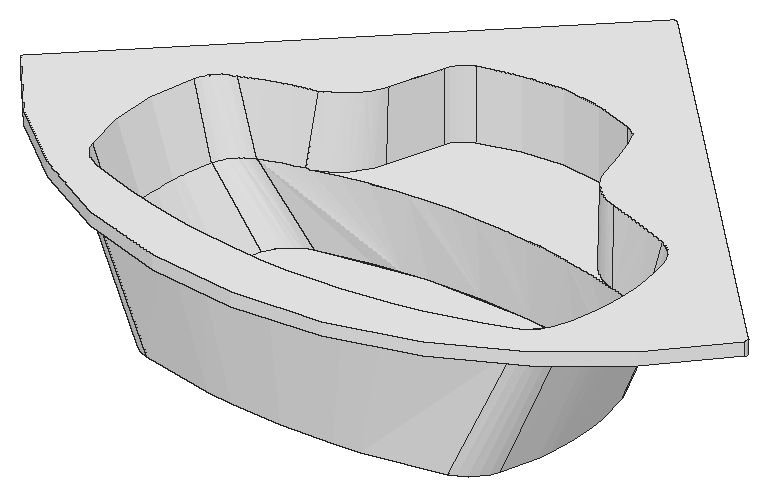
Revit family "NLRS_74_PF_UN_bad_S8B13309000_SPHINX_BCB", category Plumbing Fixtures, Revit 2016
Family settings
  Part Type = Normal
  Round Connector Dimension = Use Radius
  OmniClass Number = 23.45.00.00
  OmniClass Title = Sanitary, Laundry, and Cleaning Equipment
  Work Plane-Based = No
  Always vertical = Yes
  Cut with Voids When Loaded = No
  Shared = No
  Room Calculation Point = No
Parameters
  NLRS_C_type = ""
  NLRS_C_serie = ""
  radius = 26 mm
  NLRS_C_revit_versie = "2016"
  NLRS_C_content_versie = "2.0"
  NLRS_C_content_provider = "BouwConnect"
  NLRS_C_content_datum_uitgifte = "APR-2018"
  NLRS_C_content_datum_gewijzigd = "APR-2018"
  NLRS_C_content_creator = "BouwConnect"
  NLRS_C_URL_product_data = "http://www.sphinx.nl/producten/baden/hoekbaden/sphinx-b55-%7C-hoekbad-supero/36834/"
  NLRS_C_code_artikel = "S8B13309000"
  WFU = 0
  URL = "http://www.sphinx.nl/"
  NLRS_S_gewicht = 26.50 kg
  NLRS_C_materiaal = NLRS_n6_acryl_wit_Sphinx
  NLRS_C_lengte = 1400 mm
  NLRS_C_hoogte = 400 mm
  NLRS_C_diameter_uit = 50 mm
  NLRS_C_breedte = 1400 mm
  Model = ""
  Manufacturer = "Sphinx"
  Keynote = ""
  IfcTypeProduct = "IfcSanitaryTerminalType"
  IfcExportType = "BATH"
  IfcExportAs = "IfcSanitaryTerminalTypeEnum"
  IfcElement = "IfcFlowTerminal"
  NLRS_C_code_EAN = ""
  Description = "bad"
  NLRS_C_URL_BCB = "http://bcb-online.nl/?zoekterm=Sphinx+++%5bGeberit+B.V.%5d"
  Assembly Code = ""
Reference planes
  plane 1 "Center (Front/Back)": y = 0
  plane 2: z = 0
  plane 3 "Center (Left/Right)": x = 0
  plane 4: z = -400
Forms (mm)
  Extrusion 1, solid, material "NLRS_n6_acryl_wit_Sphinx" <- "NLRS_C_materiaal", detail levels medium+fine
    sketch origin (0, 0, 0) x (1, 0, 0) y (0, 1, 0)
      loop
        arc (-987.583, 6.206) -> (-990.483, 0) -> (-988.726, -6.621) r 10.036
        arc (-988.726, -6.621) -> (0, -523.345) -> (988.726, -6.621) r 1204.301
        arc (988.726, -6.621) -> (990.483, 0) -> (987.583, 6.206) r 10.036
        line (987.583, 6.206) -> (7.051, 986.738)
        arc (7.051, 986.738) -> (-0.032, 989.632) -> (-7.097, 986.693) r 10.036
        line (-7.097, 986.693) -> (-987.583, 6.206)
    from -35 to 0
  Blend 2, solid, material "NLRS_n6_acryl_wit_Sphinx" <- "NLRS_C_materiaal", detail levels medium+fine
    base sketch origin (0, 0, 0) x (1, 0, 0) y (0, 1, 0)
      loop
        arc (410.699, -297.963) -> (461.606, -269.437) -> (493.037, -220.271) r 120
        arc (493.037, -220.271) -> (526.881, -12.675) -> (493.037, 194.921) r 653.608
        arc (493.037, 194.921) -> (461.606, 244.087) -> (410.699, 272.613) r 120
        arc (410.699, 272.613) -> (0, 327.386) -> (-410.7, 272.613) r 1567.136
        arc (-410.7, 272.613) -> (-461.606, 244.086) -> (-493.038, 194.921) r 120
        arc (-493.038, 194.921) -> (-526.882, -12.675) -> (-493.038, -220.271) r 653.608
        arc (-493.038, -220.271) -> (-461.606, -269.437) -> (-410.7, -297.963) r 120
        arc (-410.7, -297.963) -> (0, -352.736) -> (410.699, -297.963) r 1567.136
    top sketch origin (0, 0, 0) x (1, 0, 0) y (0, 1, 0)
      loop
        arc (-669.29, 159.713) -> (-693.495, -30.386) -> (-658.469, -218.792) r 619.758
        arc (-658.469, -218.792) -> (-631.584, -262.28) -> (-589.035, -290.629) r 120
        arc (-589.035, -290.629) -> (0, -401.792) -> (589.035, -290.629) r 1616.191
        arc (589.035, -290.629) -> (631.583, -262.28) -> (658.469, -218.792) r 120
        arc (658.469, -218.792) -> (693.495, -30.386) -> (669.29, 159.713) r 619.758
        arc (669.29, 159.713) -> (643.151, 206.688) -> (599.125, 237.537) r 120
        arc (599.125, 237.537) -> (0, 354.405) -> (-599.125, 237.537) r 1594.154
        arc (-599.125, 237.537) -> (-643.151, 206.688) -> (-669.29, 159.713) r 120
    from -400 to -35
  Blend 3, solid, material "NLRS_n6_acryl_wit_Sphinx" <- "NLRS_C_materiaal", detail levels medium+fine
    base sketch origin (0, 0, 0) x (1, 0, 0) y (0, 1, 0)
      loop
        arc (216.224, 587.43) -> (0, 630.129) -> (-216.224, 587.43) r 568.814
        arc (-216.224, 587.43) -> (-250.436, 564.1) -> (-272.263, 528.91) r 100
        arc (-272.263, 528.91) -> (-298.976, 448.298) -> (-321.359, 366.378) r 1594.154
        line (-321.359, 366.378) -> (-360.808, 295.21)
        arc (-360.808, 295.21) -> (0, 343.786) -> (360.808, 295.21) r 1364.267
        line (360.808, 295.21) -> (321.359, 366.378)
        arc (321.359, 366.378) -> (298.976, 448.298) -> (272.263, 528.91) r 1594.154
        arc (272.263, 528.91) -> (250.436, 564.1) -> (216.224, 587.43) r 100
    top sketch origin (0, 0, 0) x (1, 0, 0) y (0, 1, 0)
      loop
        arc (216.224, 587.43) -> (0, 630.129) -> (-216.224, 587.43) r 568.814
        arc (-216.224, 587.43) -> (-250.436, 564.1) -> (-272.263, 528.91) r 100
        arc (-272.263, 528.91) -> (-298.976, 448.298) -> (-321.359, 366.378) r 1594.154
        line (-321.359, 366.378) -> (-400.257, 224.041) -> (400.257, 224.041) -> (321.359, 366.378)
        arc (321.359, 366.378) -> (298.976, 448.298) -> (272.263, 528.91) r 1594.154
        arc (272.263, 528.91) -> (250.436, 564.1) -> (216.224, 587.43) r 100
    from -200.6 to -35
  Blend 4, void, detail levels medium+fine
    base sketch origin (0, 0, 0) x (1, 0, 0) y (0, 1, 0)
      loop
        arc (-254.248, 519.906) -> (-277.489, 450.195) -> (-297.451, 379.475) r 1574.154
        arc (-297.451, 379.475) -> (-341.837, 300.695) -> (-419.623, 254.587) r 175
        arc (-419.623, 254.587) -> (-473.555, 238.381) -> (-526.865, 220.23) r 1552.136
        arc (-526.865, 220.23) -> (-568.812, 192.209) -> (-592.851, 147.859) r 105
        arc (-592.851, 147.859) -> (-613.358, -12.675) -> (-592.851, -173.209) r 638.608
        arc (-592.851, -173.209) -> (-568.812, -217.559) -> (-526.865, -245.58) r 105
        arc (-526.865, -245.58) -> (0.08, -337.736) -> (527.015, -245.525) r 1552.136
        arc (527.015, -245.525) -> (568.96, -217.5) -> (592.994, -173.148) r 105
        arc (592.994, -173.148) -> (613.485, -12.675) -> (592.994, 147.798) r 638.608
        arc (592.994, 147.798) -> (568.96, 192.15) -> (527.015, 220.175) r 105
        arc (527.015, 220.175) -> (473.632, 238.357) -> (419.623, 254.587) r 1552.136
        arc (419.623, 254.587) -> (341.837, 300.695) -> (297.451, 379.475) r 175
        arc (297.451, 379.475) -> (277.489, 450.195) -> (254.248, 519.906) r 1574.154
        arc (254.248, 519.906) -> (235.556, 550.038) -> (206.197, 569.921) r 85
        arc (206.197, 569.921) -> (0, 610.129) -> (-206.197, 569.921) r 548.814
        arc (-206.197, 569.921) -> (-235.556, 550.038) -> (-254.248, 519.906) r 85
    top sketch origin (0, 0, 0) x (1, 0, 0) y (0, 1, 0)
      loop
        arc (206.197, 569.921) -> (0, 610.129) -> (-206.197, 569.921) r 548.814
        arc (-206.197, 569.921) -> (-235.556, 550.038) -> (-254.248, 519.906) r 85
        arc (-254.248, 519.906) -> (-276.424, 453.642) -> (-295.638, 386.459) r 1574.154
        arc (-295.638, 386.459) -> (-333.369, 320.694) -> (-399.134, 282.963) r 145
        arc (-399.134, 282.963) -> (-495.166, 254.497) -> (-589.193, 219.981) r 1574.154
        arc (-589.193, 219.981) -> (-627.99, 192.796) -> (-650.89, 151.325) r 105
        arc (-650.89, 151.325) -> (-673.501, -29.898) -> (-640.524, -209.524) r 599.758
        arc (-640.524, -209.524) -> (-616.951, -247.918) -> (-579.458, -272.898) r 105
        arc (-579.458, -272.898) -> (0, -381.792) -> (579.457, -272.898) r 1596.191
        arc (579.457, -272.898) -> (616.95, -247.918) -> (640.523, -209.524) r 105
        arc (640.523, -209.524) -> (673.5, -29.898) -> (650.89, 151.325) r 599.758
        arc (650.89, 151.325) -> (627.99, 192.796) -> (589.192, 219.981) r 105
        arc (589.192, 219.981) -> (495.165, 254.497) -> (399.134, 282.963) r 1574.154
        arc (399.134, 282.963) -> (333.369, 320.694) -> (295.638, 386.459) r 145
        arc (295.638, 386.459) -> (276.424, 453.642) -> (254.248, 519.906) r 1574.154
        arc (254.248, 519.906) -> (235.556, 550.038) -> (206.197, 569.921) r 85
    from -186.7 to 32
  Blend 5, void, detail levels medium+fine
    base sketch origin (0, 0, 0) x (1, 0, 0) y (0, 1, 0)
      loop
        arc (-493.038, -220.271) -> (-461.606, -269.437) -> (-410.7, -297.963) r 120
        arc (-410.7, -297.963) -> (0, -352.736) -> (410.699, -297.963) r 1567.136
        arc (410.699, -297.963) -> (461.606, -269.437) -> (493.037, -220.271) r 120
        arc (493.037, -220.271) -> (526.881, -12.675) -> (493.037, 194.921) r 653.608
        arc (493.037, 194.921) -> (461.606, 244.087) -> (410.699, 272.613) r 120
        arc (410.699, 272.613) -> (0, 327.386) -> (-410.7, 272.613) r 1567.136
        arc (-410.7, 272.613) -> (-461.606, 244.086) -> (-493.038, 194.921) r 120
        arc (-493.038, 194.921) -> (-526.882, -12.675) -> (-493.038, -220.271) r 653.608
    top sketch origin (0, 0, 0) x (1, 0, 0) y (0, 1, 0)
      loop
        arc (-592.851, 147.859) -> (-613.358, -12.675) -> (-592.851, -173.209) r 638.608
        arc (-592.851, -173.209) -> (-568.812, -217.559) -> (-526.865, -245.58) r 105
        arc (-526.865, -245.58) -> (0.08, -337.736) -> (527.015, -245.525) r 1552.136
        arc (527.015, -245.525) -> (568.96, -217.5) -> (592.994, -173.148) r 105
        arc (592.994, -173.148) -> (613.485, -12.675) -> (592.994, 147.798) r 638.608
        arc (592.994, 147.798) -> (568.96, 192.15) -> (527.015, 220.175) r 105
        arc (527.015, 220.175) -> (0.08, 312.386) -> (-526.865, 220.23) r 1552.136
        arc (-526.865, 220.23) -> (-568.812, 192.209) -> (-592.851, 147.859) r 105
    from -390 to -182.3
  Extrusion 6, solid, material "NLRS_n6_acryl_wit_Sphinx" <- "NLRS_C_materiaal", detail levels coarse
    sketch origin (0, 0, 0) x (1, 0, 0) y (0, 1, 0)
      loop
        arc (-987.583, 6.206) -> (-990.483, 0) -> (-988.726, -6.621) r 10.036
        arc (-988.726, -6.621) -> (0, -523.345) -> (988.726, -6.621) r 1204.301
        arc (988.726, -6.621) -> (990.483, 0) -> (987.583, 6.206) r 10.036
        line (987.583, 6.206) -> (7.051, 986.738)
        arc (7.051, 986.738) -> (-0.032, 989.632) -> (-7.097, 986.693) r 10.036
        line (-7.097, 986.693) -> (-987.583, 6.206)
    from -400 to 0
  Extrusion 7, void
    sketch origin (0, 0, 0) x (1, 0, 0) y (0, 1, 0)
      loop
        arc (-633.583, -204.236) -> (-609.938, -243.5) -> (-571.8, -268.921) r 104.805
        arc (-571.8, -268.921) -> (0.011, -375.377) -> (571.821, -268.913) r 1588.863
        arc (571.821, -268.913) -> (609.959, -243.492) -> (633.603, -204.228) r 104.805
        arc (633.603, -204.228) -> (664.759, -27.5) -> (642.527, 150.571) r 603.003
        arc (642.527, 150.571) -> (619.475, 192.613) -> (580.129, 220.013) r 104.943
        arc (580.129, 220.013) -> (492.018, 252.151) -> (402.106, 278.834) r 1531.488
        arc (402.106, 278.834) -> (334.597, 317.786) -> (295.902, 385.442) r 149.364
        arc (295.902, 385.442) -> (276.579, 453.14) -> (254.248, 519.906) r 1573.64
        arc (254.248, 519.906) -> (235.556, 550.038) -> (206.197, 569.921) r 85
        arc (206.197, 569.921) -> (0, 610.129) -> (-206.197, 569.921) r 548.814
        arc (-206.197, 569.921) -> (-235.556, 550.038) -> (-254.248, 519.906) r 85
        arc (-254.248, 519.906) -> (-276.579, 453.14) -> (-295.902, 385.442) r 1573.64
        arc (-295.902, 385.442) -> (-334.597, 317.786) -> (-402.106, 278.834) r 149.364
        arc (-402.106, 278.834) -> (-492.007, 252.154) -> (-580.107, 220.021) r 1531.332
        arc (-580.107, 220.021) -> (-619.454, 192.621) -> (-642.506, 150.579) r 104.943
        arc (-642.506, 150.579) -> (-664.741, -27.5) -> (-633.583, -204.236) r 603.013
    from -390 to 10
  Extrusion 8, solid, not visible
    sketch origin (0, 0, 0) x (1, 0, 0) y (0, 1, 0)
      loop
        circle (0, -203.199) r 49.822
    from -400 to -390
Cuts and joins
  Blend 4 cuts Extrusion 1
  Blend 4, Blend 5 cuts Blend 2
  Blend 4 cuts Blend 3
  joined: Extrusion 1, Blend 2, Blend 3
  Extrusion 7 cuts Extrusion 6
Dimensions and locks
  aligned and locked: level to plane 2
Connectors
  piping at (0, -203.199, -400), diameter 52, driven by "radius", driven by "WFU"
    settings: on Extrusion 8, index 1, connector inside diameter 609.6 mm, connector length 0 mm, flow factor 0, pipe flow 0.0 L/s, pressure drop 0.0 Pa, fitting loss kfactor 0, connector angle 0.00°, fixture units 0, engagement length 0 mm, angle of deflection 0.00°, flow configuration 3, flow direction 2, fitting loss method 0, system type 16, joint type 0, gender type 0, connector reference index -1, connector utility 0, adjustable connector no, is connector primary yes, connector description "out"
